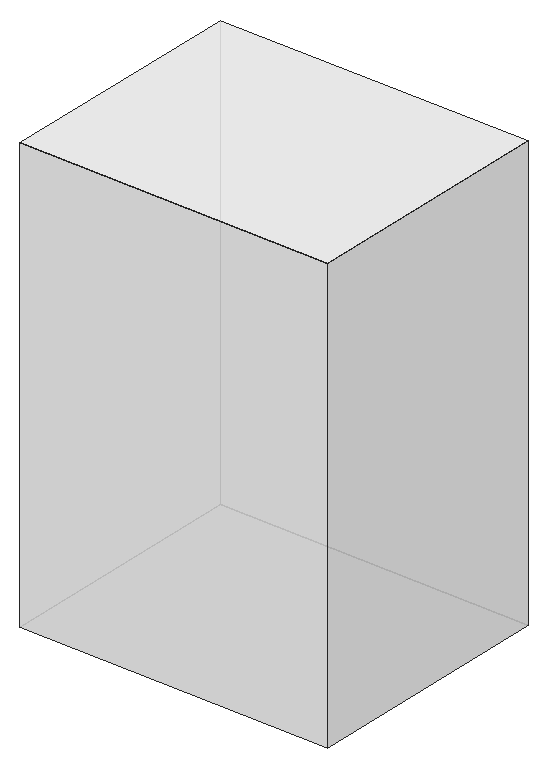
Revit family "00 Programming Block", category Generic Models, Revit 2015
Parameters
  Width [instance] = 2' - 3.3183"
  Target Area [instance] = 0.00 SF
  Space Type [instance] = ""
  Room Name [instance] = ""
  Program Color [instance] = +00 Programming - White
  Length [instance] = 2' - 9 1/2"
  Height [instance] = 3' - 11.2477"
  Department [instance] = ""
  Area Delta [instance] = Target Area - Actual Area  # -6.3553 SF
  Actual Area [instance] = Length * Width  # 6.3553 SF
Reference planes (in)
  plane 1 "Center (Front/Back)": y = 0
  plane 2: z = 0
  plane 3 "Center (Left/Right)": x = 0
  plane 4: x = -16.75
  plane 5: x = 16.75
  plane 6: y = 13.65915
  plane 7: y = -13.65915
  plane 8: z = 47.2477
Forms (in)
  Extrusion 1, solid, material "+00 Programming - White" <- "Program Color"
    sketch origin (0, 0, 0) x (1, 0, 0) y (0, 1, 0)
      loop
        line (-16.75, 13.65915) -> (-16.75, -13.65915) -> (16.75, -13.65915) -> (16.75, 13.65915) -> (-16.75, 13.65915)
    from 0 to 47.2477
Dimensions and locks (in)
  equal spacing: plane 6, plane 1 "Center (Front/Back)", plane 7
  "Width": plane 6 to plane 7
  equal spacing: plane 4, plane 3 "Center (Left/Right)", plane 5
  "Length": plane 4 to plane 5
  "Height": plane 8 to level
  aligned and locked: plane 2 to level
  aligned and locked: Extrusion 1 sketch curve to plane 6
  aligned and locked: plane 4 to Extrusion 1 sketch curve
  aligned and locked: Extrusion 1 sketch curve to plane 5
  aligned and locked: plane 7 to Extrusion 1 sketch curve
  aligned and locked: plane 8 to Extrusion 1
